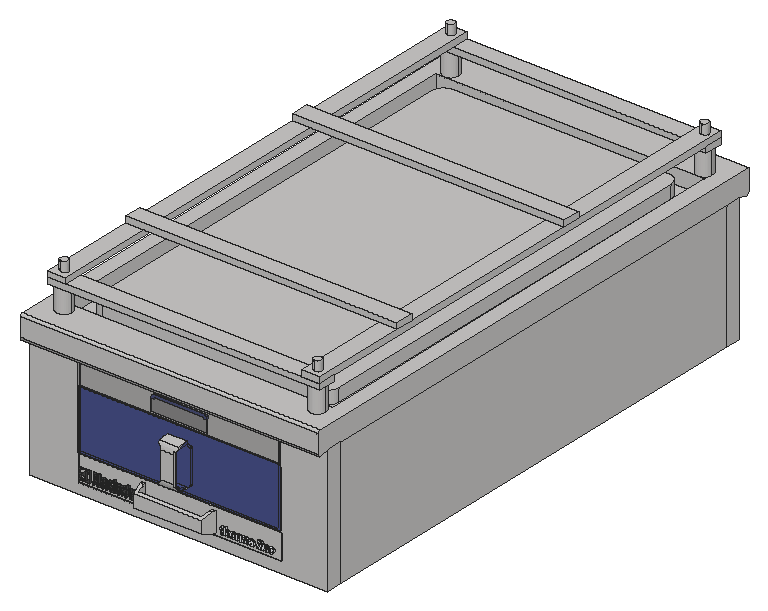
Revit family "QF_ELECTROLUXPROFESSIONAL_589869_MCLBACEODM", category Specialty Equipment, Revit 2014 (continued)
Definition of nested family "QF_ELECTROLUXPROFESSIONAL_MARINE500x900_1"
  Dimensions and locks
    plane 3 "LEFT" to plane 10 = 80 mm
    plane 11 to plane 4 "RIGHT" = 80 mm
    locked: plane 6 "TOP" to plane 17 "BaseTop" at 250
    locked: plane 18 to plane 5 "FRONT" at 45
    plane 19 to plane 6 "TOP" = 75 mm
    aligned and locked: level to plane 2
  Automatic sketch dimensions
    plane 1 "BACK" to curve 1 = 0 mm
    curve 1 to plane 4 "RIGHT" = 0 mm
    curve 3 to plane 3 "LEFT" = 0 mm
    plane 5 "FRONT" to curve 3 = 0 mm
    Extrusion 1 sketch curve to plane 18 = 0 mm  (x2)
    Extrusion 1 sketch curve to plane 18 = 15 mm
    plane 18 to Extrusion 1 sketch curve = 15 mm
    Extrusion 1 sketch curve to plane 12 = 20 mm
    Extrusion 1 sketch curve to Extrusion 1 sketch curve = 15 mm  (x7)
    Extrusion 1 sketch curve to plane 14 "EIx" = 7.5 mm  (x2)
    plane 3 "LEFT" to Extrusion 1 sketch curve = 37.5 mm  (x2)
    Extrusion 2 sketch curve to plane 18 = 0 mm  (x2)
    plane 14 "EIx" to Extrusion 2 sketch curve = 7.5 mm
    Extrusion 2 sketch curve to plane 18 = 15 mm  (x2)
    Extrusion 2 sketch curve to plane 12 = 35 mm  (x2)
    Extrusion 2 sketch curve to plane 14 "EIx" = 7.5 mm  (x2)
    Extrusion 2 sketch curve to Extrusion 2 sketch curve = 15 mm  (x6)
    plane 10 to Extrusion 2 sketch curve = 27.5 mm
    Extrusion 4 sketch curve to plane 18 = 0 mm  (x2)
    Extrusion 4 sketch curve to plane 14 "EIx" = 7.5 mm  (x2)
    plane 3 "LEFT" to Extrusion 4 sketch curve = 37.5 mm  (x2)
    Extrusion 4 sketch curve to plane 12 = 35 mm  (x2)
    Extrusion 5 sketch curve to plane 18 = 0 mm  (x2)
    Extrusion 5 sketch curve to plane 14 "EIx" = 7.5 mm  (x2)
    Extrusion 5 sketch curve to plane 12 = 35 mm  (x2)
    plane 3 "LEFT" to Extrusion 5 sketch curve = 37.5 mm  (x2)
    Extrusion 3 sketch curve to plane 15 "EIy" = 22.5 mm
    plane 15 "EIy" to Extrusion 3 sketch curve = 7.5 mm
    plane 3 "LEFT" to Extrusion 3 sketch curve = 22.5 mm  (x2)
    plane 8 to Extrusion 3 sketch curve = 92.5 mm
    Extrusion 3 sketch curve to Extrusion 3 sketch curve = 30 mm
    plane 4 "RIGHT" to Extrusion 3 sketch curve = 22.5 mm  (x2)
    plane 14 "EIx" to curve 19 = 7.5 mm
    curve 19 to plane 18 = 15 mm
    curve 15 to plane 18 = 15 mm
    plane 18 to curve 16 = 15 mm
    curve 19 to plane 15 "EIy" = 22.5 mm
    plane 15 "EIy" to curve 18 = 7.5 mm
    plane 14 "EIx" to curve 18 = 7.5 mm
    plane 8 to curve 18 = 92.5 mm
    plane 14 "EIx" to curve 17 = 7.5 mm
    curve 18 to curve 17 = 30 mm
    curve 20 to plane 12 = 20 mm
    plane 1 "BACK" to curve 17 = 30 mm
    plane 1 "BACK" to curve 13 = 30 mm
    plane 4 "RIGHT" to curve 12 = 22.5 mm
    plane 4 "RIGHT" to curve 11 = 22.5 mm
    plane 4 "RIGHT" to curve 10 = 22.5 mm
    plane 4 "RIGHT" to curve 9 = 22.5 mm
    plane 10 to curve 15 = 27.5 mm
    plane 10 to curve 14 = 27.5 mm
    plane 10 to curve 13 = 27.5 mm
    plane 3 "LEFT" to curve 11 = 22.5 mm
    plane 3 "LEFT" to curve 10 = 22.5 mm
    plane 3 "LEFT" to curve 9 = 22.5 mm
    plane 3 "LEFT" to curve 12 = 22.5 mm
    radius of Extrusion 1 sketch curve = 6.5 mm  (x4)
    radius of Extrusion 2 sketch curve = 6.5 mm  (x4)
    radius of Extrusion 4 sketch curve = 13 mm  (x4)
    radius of Extrusion 5 sketch curve = 6.5 mm  (x4)
Definition of nested family "Front_Panel_W500_1 Knob"
  Parameters (values of type "Front_Panel_W500_1 Knob")
    Width = 500 mm
  Reference planes
    plane 1 "Center (Front/Back)": y = 0
    plane 2: z = 0
    plane 3 "Center (Left/Right)": x = 197.624
    plane 4 "Left": x = -52.376
    plane 5 "Right": x = 447.624
    plane 6: y = -45
    plane 7: y = -25
    plane 8: x = 367.624
    plane 9: x = 27.624
  Forms (mm)
    Extrusion 1, solid, material "QF_Finishes_Stainless Steel"
      sketch origin (833.217, 829.203, -1.25) x (0, 1, 0) y (0, 0, 1)
        loop
          line (-854.203, 651.25) -> (-829.203, 651.25) -> (-829.203, 864.25) -> (-854.203, 864.25) -> (-854.203, 651.25)
      from -885.593 to -385.593
    Extrusion 2, void
      sketch origin (0, 0, 0) x (1, 0, 0) y (0, 0, 1)
        loop
          line (27.624, 853.866) -> (27.624, 711.866) -> (367.624, 711.866) -> (367.624, 853.866) -> (27.624, 853.866)
      from 19.387 to 33.951
  Cuts and joins
    Extrusion 2 cuts Extrusion 1
  Dimensions and locks
    equal spacing: plane 5 "Right", plane 3 "Center (Left/Right)", plane 4 "Left"
    "Width": plane 5 "Right" to plane 4 "Left"
    locked: plane 3 "Center (Left/Right)" to plane 9 at 170
    locked: plane 8 to plane 3 "Center (Left/Right)" at 170
    aligned and locked: cut or joined group of Extrusion 1, Extrusion 2 to plane 4 "Left"
    aligned and locked: plane 5 "Right" to cut or joined group of Extrusion 1, Extrusion 2
    aligned and locked: plane 3 "Center (Left/Right)" to nested 1
    aligned and locked: cut or joined group of Extrusion 1, Extrusion 2 to nested 1
    aligned and locked: plane 9 to Extrusion 2 sketch curve
    aligned and locked: Extrusion 2 sketch curve to plane 8
    aligned and locked: plane 9 to cut or joined group of Extrusion 1, Extrusion 2
    aligned and locked: plane 8 to cut or joined group of Extrusion 1, Extrusion 2
    aligned and locked: plane 9 to nested 1
    aligned and locked: plane 8 to nested 1
    aligned and locked: nested 4 to plane 9
  Automatic sketch dimensions
    Extrusion 1 sketch curve to plane 1 "Center (Front/Back)" = 0 mm
    level to Extrusion 1 sketch curve = 650 mm
    level to Extrusion 2 sketch curve = 711.866 mm
    Extrusion 2 sketch curve to Extrusion 2 sketch curve = 142 mm
    Extrusion 1 sketch curve to plane 6 = 20 mm
    Extrusion 1 sketch curve to Extrusion 1 sketch curve = 213 mm
  Nested families
    nested 1: "Front glass control panel W340_1 Knob" at (197.624, 280.644, 2.752), type "Front glass control panel W340_1 Knob"
    nested 2: "Range Control Handle" at (197.624, -28.137, -209.113) x (-1, 0, 0) z (0, 0, 1), type "Range Control Handle"
    nested 3: "ELX_ThermaLine_Small" at (319.031, -25, 679.426) x (1, 0, 0) z (0, -1, 0), type "ELX_ThermaLine_Small"
      with Show Logo yes, Material_Logo QF_Finishes_Black
    nested 4: "ELX_Professional_Logo_Small" at (87.11, -25, 681.659) x (1, 0, 0) z (0, -1, 0), type "ELX_Professional_Logo_Small"
      with Show Logo yes, Material_Logo QF_Finishes_Black
  Definition of nested family "Front glass control panel W340_1 Knob"
    Reference planes
      plane 1 "Center (Front/Back)": y = 0
      plane 2: z = 0
      plane 3 "Center (Left/Right)": x = 0
    Forms (mm)
      Extrusion 1, solid, material "QF_Finishes_Electrolux Cyan"
        sketch origin (378.286, 0, 0.617) x (1, 0, 0) y (0, 0, 1)
          loop
            line (-548.286, 806.791) -> (-548.286, 708.497) -> (-208.286, 708.497) -> (-208.286, 806.791) -> (-548.286, 806.791)
        from 300.031 to 304.8
      Extrusion 2, solid, material "QF_Finishes_Electrolux_Black"
        sketch origin (378.286, 0, 0.617) x (1, 0, 0) y (0, 0, 1)
          loop
            line (-548.286, 850.497) -> (-548.286, 806.791) -> (-208.286, 806.791) -> (-208.286, 850.497) -> (-548.286, 850.497)
        from 300.031 to 304.8
      Extrusion 3, void
        sketch origin (378.286, 0, 0.617) x (1, 0, 0) y (0, 0, 1)
          loop
            line (-545.628, 847.565) -> (-545.628, 710.699) -> (-211.196, 710.699) -> (-211.196, 847.565) -> (-545.628, 847.565)
        from 303.697 to 304.8
      Extrusion 4, solid, material "QF_Finishes_Electrolux_Black Smoke Iluminated"
        sketch origin (308.309, 1.101, -0.633) x (1, 0, 0) y (0, 0, 1)
          loop
            line (-261.431, 812.62) -> (-261.431, 834.177) -> (-266.24, 834.177) -> (-268.039, 835.977) -> (-348.469, 835.977) -> (-350.269, 834.177) -> (-355.186, 834.177) -> (-355.186, 812.62) -> (-261.431, 812.62)
        from 304.798 to 306.745
      Extrusion 5, solid, material "QF_Finishes_Electrolux_Royal Blue Illuminated"
        sketch origin (308.309, 1.101, -0.633) x (1, 0, 0) y (0, 0, 1)
          loop
            line (-350.269, 834.177) -> (-348.469, 835.977) -> (-268.039, 835.977) -> (-266.24, 834.177) -> (-261.529, 834.177)
            arc (-261.529, 834.177) -> (-262.706, 838.752) -> (-266.98, 840.763) r 5.549
            line (-266.98, 840.763) -> (-349.686, 840.763)
            arc (-349.686, 840.763) -> (-353.942, 838.747) -> (-355.078, 834.177) r 5.5
            line (-355.078, 834.177) -> (-350.269, 834.177)
        from 304.798 to 306.745
    Cuts and joins
      Extrusion 3 cuts Extrusion 1
      Extrusion 3 cuts Extrusion 2
    Dimensions and locks
      equal spacing: cut or joined group of Extrusion 2, Extrusion 3, plane 3 "Center (Left/Right)", cut or joined group of Extrusion 2, Extrusion 3
      cut or joined group of Extrusion 2, Extrusion 3 to cut or joined group of Extrusion 2, Extrusion 3 = 340 mm
      aligned and locked: Extrusion 1 to Extrusion 2
      aligned and locked: Extrusion 5 to Extrusion 4
    Automatic sketch dimensions
      Extrusion 1 sketch curve to plane 3 "Center (Left/Right)" = 170 mm
      plane 3 "Center (Left/Right)" to Extrusion 1 sketch curve = 170 mm
      level to Extrusion 1 sketch curve = 709.114 mm
      Extrusion 1 sketch curve to Extrusion 1 sketch curve = 98.294 mm
      Extrusion 2 sketch curve to plane 3 "Center (Left/Right)" = 170 mm
      plane 3 "Center (Left/Right)" to Extrusion 2 sketch curve = 170 mm
      level to Extrusion 2 sketch curve = 807.408 mm
      Extrusion 2 sketch curve to Extrusion 2 sketch curve = 43.706 mm
      Extrusion 3 sketch curve to plane 3 "Center (Left/Right)" = 167.342 mm
      plane 3 "Center (Left/Right)" to Extrusion 3 sketch curve = 167.091 mm
      level to Extrusion 3 sketch curve = 711.316 mm
      Extrusion 3 sketch curve to Extrusion 3 sketch curve = 136.866 mm
      Extrusion 4 sketch curve to plane 3 "Center (Left/Right)" = 46.877 mm
      Extrusion 4 sketch curve to Extrusion 4 sketch curve = 4.917 mm
      Extrusion 4 sketch curve to Extrusion 4 sketch curve = 1.8 mm  (x3)
      plane 3 "Center (Left/Right)" to Extrusion 4 sketch curve = 40.269 mm
      Extrusion 4 sketch curve to Extrusion 4 sketch curve = 4.809 mm
      level to Extrusion 4 sketch curve = 811.987 mm
      Extrusion 4 sketch curve to Extrusion 4 sketch curve = 21.557 mm  (x2)
      Extrusion 5 sketch curve to plane 3 "Center (Left/Right)" = 46.769 mm
      Extrusion 5 sketch curve to Extrusion 5 sketch curve = 4.809 mm
      Extrusion 5 sketch curve to Extrusion 5 sketch curve = 0.583 mm
      Extrusion 5 sketch curve to Extrusion 5 sketch curve = 1.217 mm
      plane 3 "Center (Left/Right)" to Extrusion 5 sketch curve = 40.269 mm
      Extrusion 5 sketch curve to Extrusion 5 sketch curve = 1.059 mm
      Extrusion 5 sketch curve to Extrusion 5 sketch curve = 0.741 mm
      Extrusion 5 sketch curve to Extrusion 5 sketch curve = 4.711 mm
      level to Extrusion 5 sketch curve = 833.543 mm
      Extrusion 5 sketch curve to Extrusion 5 sketch curve = 0 mm
      Extrusion 5 sketch curve to Extrusion 5 sketch curve = 1.037 mm
      Extrusion 5 sketch curve to Extrusion 5 sketch curve = 0.714 mm
  Definition of nested family "Range Control Handle"
    Reference planes
      plane 1 "Center (Front/Back)": y = 0
      plane 2: z = 0
      plane 3 "Center (Left/Right)": x = 0
      plane 4: z = 971.092
      plane 5: y = -16.9
    Forms (mm)
      Extrusion 1, solid, material "QF_Finishes_Electrolux Cyan"
        sketch origin (-746.28, 380.497, 208.931) x (-1, 0, 0) y (0, 0, 1)
          loop
            line (-770.101, 786.798) -> (-770.101, 731.649)
            arc (-770.101, 731.649) -> (-769.759, 730.563) -> (-768.855, 729.87) r 1.893
            line (-768.855, 729.87) -> (-763.474, 727.911) -> (-729.81, 727.911) -> (-724.428, 729.87)
            arc (-724.428, 729.87) -> (-723.525, 730.563) -> (-723.183, 731.649) r 1.893
            line (-723.183, 731.649) -> (-723.183, 786.798)
            arc (-723.183, 786.798) -> (-723.529, 787.894) -> (-724.44, 788.593) r 1.91
            line (-724.44, 788.593) -> (-729.683, 790.819) -> (-763.601, 790.819) -> (-768.844, 788.593)
            arc (-768.844, 788.593) -> (-769.755, 787.894) -> (-770.101, 786.798) r 1.91
        from -382.35 to -378.852
      Sweep 2, solid, material "QF_Finishes_Electrolux Cyan"
        path origin (-746.788, 380.496, 208.091) x (0, -1, 0) y (0, 0, 1)
          loop
            line (379.775, 793.281) -> (395.661, 791.048)
            arc (395.661, 791.048) -> (397.781, 787.377) -> (398.517, 783.202) r 12.207
            line (398.517, 783.202) -> (398.517, 737.368)
            arc (398.517, 737.368) -> (397.781, 733.193) -> (395.661, 729.522) r 12.207
            line (395.661, 729.522) -> (379.775, 727.289)
        profile origin (-746.788, -7.222, 1000.256) x (0, -0.139173, 0.990268) y (-1, 0, 0)
          loop
            line (0.782, -763.123) -> (0.782, -730.907) -> (-1.322, -730.907) -> (-1.322, -763.123) -> (0.782, -763.123)
      Sweep 3, solid, material "QF_Finishes_Stainless Steel"
        path origin (-746.788, 380.715, 207.832) x (0, -1, 0) y (0, 0, 1)
          loop
            line (380.478, 795.442) -> (397.218, 793.09)
            arc (397.218, 793.09) -> (399.929, 788.473) -> (400.871, 783.202) r 15.207
            line (400.871, 783.202) -> (400.871, 737.584)
            arc (400.871, 737.584) -> (399.914, 732.274) -> (397.164, 727.633) r 15.207
            line (397.164, 727.633) -> (380.601, 725.305)
        profile origin (-746.788, -8.132, 1002.099) x (0, -0.139173, 0.990268) y (-1, 0, 0)
          loop
            line (0.782, -763.123) -> (0.782, -730.907) -> (-1.322, -730.907) -> (-1.322, -763.123) -> (0.782, -763.123)
      Extrusion 4, void
        sketch origin (889.253, 220.666, 207.993) x (1, 0, 0) y (0, 0, 1)
          loop
            line (-943.038, 816.854) -> (-943.038, 703.686) -> (-899.466, 734.196) -> (-899.466, 786.344) -> (-943.038, 816.854)
        from 230.636 to 242.25
      Extrusion 5, void
        sketch origin (-888.8, 220.666, 207.993) x (-1, 0, 0) y (0, 0, -1)
          loop
            line (-943.038, -816.854) -> (-899.466, -786.344) -> (-899.466, -734.196) -> (-943.038, -703.686) -> (-943.038, -816.854)
        from 230.636 to 242.25
      Extrusion 6, solid, material "QF_Finishes_Electrolux Cyan"
        sketch origin (0, 0, 0) x (1, 0, 0) y (0, 0, 1)
          loop
            circle (0, 971.092) r 7.736
        from -3.137 to -1.645
    Cuts and joins
      Extrusion 4, Extrusion 5 cuts Sweep 3
      Extrusion 4, Extrusion 5 cuts Sweep 2
      joined: Extrusion 1, Extrusion 6
    Lines and regions (mm)
      symbolic lines
        curve 1: line (16.334, -16.9, 0) -> (16.334, -19.227, 0)
        curve 2: spline (16.334, -19.227, 0) -> (15.87, -19.385, 0) -> (15.404, -19.536, 0) -> (14.936, -19.678, 0) -> (14.466, -19.813, 0) -> (13.995, -19.94, 0) -> (13.523, -20.059, 0) -> (13.049, -20.171, 0) -> (12.575, -20.274, 0) -> (12.099, -20.37, 0) -> (11.622, -20.458, 0) -> (11.144, -20.537, 0) -> (10.666, -20.609, 0)
        curve 3: line (10.666, -16.9, 0) -> (10.666, -20.938, 0)
        curve 4: line (-10.213, -20.938, 0) -> (10.666, -20.938, 0)
        curve 5: line (-10.213, -20.938, 0) -> (-10.213, -16.9, 0)
        curve 6: spline (-10.213, -20.609, 0) -> (-10.691, -20.537, 0) -> (-11.169, -20.458, 0) -> (-11.646, -20.37, 0) -> (-12.122, -20.274, 0) -> (-12.597, -20.171, 0) -> (-13.07, -20.059, 0) -> (-13.542, -19.94, 0) -> (-14.013, -19.813, 0) -> (-14.483, -19.678, 0) -> (-14.951, -19.536, 0) -> (-15.417, -19.385, 0) -> (-15.881, -19.227, 0)
        curve 7: line (-15.881, -19.227, 0) -> (-15.881, -16.9, 0)
  Definition of nested family "ELX_ThermaLine_Small"
    Parameters (values of type "ELX_ThermaLine_Small")
      Show Logo [instance] = yes
      Material_Logo [instance] = QF_Finishes_Black
      Default Elevation = 0 mm
    Reference planes
      plane 1 "Centro (Fronte/Retro)": y = 0
      plane 2: z = 0
      plane 3 "Centro (Sinistra/Destra)": x = 0
    Forms (mm)
      Extrusion 1, solid
        sketch origin (0, 0, 0) x (1, 0, 0) y (0, 1, 0)
          loop
            line (-1219.2, 1219.2) -> (-1219.2, -1219.2) -> (1219.2, -1219.2) -> (1219.2, 1219.2) -> (-1219.2, 1219.2)
        from 0 to -304.8
      Extrusion 2, solid, material "QF_Finishes_White"
        sketch origin (0, 0, 0) x (1, 0, 0) y (0, 1, 0)
          loop
            line (-37.494, 1.229) -> (-35.908, 1.229) -> (-35.908, 3.066) -> (-37.494, 3.066) -> (-37.494, 6.221) -> (-39.867, 4.881) -> (-39.867, 3.066) -> (-40.969, 3.066) -> (-40.969, 1.229) -> (-39.867, 1.229) -> (-39.867, -3.407)
            arc (-39.867, -3.407) -> (-38.982, -5.513) -> (-36.751, -6.001) r 2.478
            line (-36.751, -6.001) -> (-35.638, -5.7) -> (-35.9, -3.835) -> (-36.661, -4.039)
            arc (-36.661, -4.039) -> (-37.236, -3.924) -> (-37.494, -3.399) r 0.662
            line (-37.494, -3.399) -> (-37.494, 1.229)
          loop
            line (-34.242, 6.539) -> (-34.242, -5.848) -> (-31.854, -5.848) -> (-31.854, -0.078)
            arc (-31.854, -0.078) -> (-30.939, 1.249) -> (-29.33, 1.367) r 1.866
            arc (-29.33, 1.367) -> (-28.695, 0.768) -> (-28.461, -0.073) r 1.627
            line (-28.461, -0.073) -> (-28.461, -5.848) -> (-26.086, -5.848) -> (-26.064, -0.46)
            arc (-26.064, -0.46) -> (-26.261, 0.932) -> (-26.786, 2.237) r 5.825
            arc (-26.786, 2.237) -> (-29.381, 3.264) -> (-31.854, 1.971) r 3.353
            line (-31.854, 1.971) -> (-31.854, 6.539) -> (-34.242, 6.539)
          loop
            arc (-18.398, -0.598) -> (-18.893, 0.879) -> (-20.326, 1.487) r 1.897
            arc (-20.326, 1.487) -> (-21.461, 0.708) -> (-21.897, -0.598) r 2.164
            line (-21.897, -0.598) -> (-18.398, -0.598)
          loop
            arc (-16.021, -2.044) -> (-16.754, 1.227) -> (-19.444, 3.226) r 4.814
            arc (-19.444, 3.226) -> (-22.137, 2.788) -> (-23.943, 0.743) r 4.054
            arc (-23.943, 0.743) -> (-24.382, -1.249) -> (-24.162, -3.276) r 6.289
            arc (-24.162, -3.276) -> (-23.302, -4.71) -> (-21.958, -5.705) r 4.28
            arc (-21.958, -5.705) -> (-18.558, -5.814) -> (-16.152, -3.409) r 4.28
            line (-16.152, -3.409) -> (-18.5, -2.995)
            arc (-18.5, -2.995) -> (-19.273, -3.994) -> (-20.533, -4.076) r 1.536
            arc (-20.533, -4.076) -> (-21.56, -3.281) -> (-21.958, -2.044) r 2.197
            line (-21.958, -2.044) -> (-16.021, -2.044)
          loop
            line (-14.165, -5.848) -> (-11.819, -5.848) -> (-11.819, -2.138)
            arc (-11.819, -2.138) -> (-11.787, -1.156) -> (-11.637, -0.185) r 8.18
            arc (-11.637, -0.185) -> (-10.644, 0.972) -> (-9.132, 0.776) r 1.603
            line (-9.132, 0.776) -> (-8.419, 2.846)
            arc (-8.419, 2.846) -> (-10.432, 3.118) -> (-11.994, 1.821) r 2.527
            line (-11.994, 1.821) -> (-11.994, 3.094) -> (-14.165, 3.094) -> (-14.165, -5.848)
          loop
            line (-7.579, 3.094) -> (-7.579, -5.848) -> (-5.178, -5.848) -> (-5.178, -0.756)
            arc (-5.178, -0.756) -> (-4.727, 0.679) -> (-3.417, 1.419) r 2.05
            arc (-3.417, 1.419) -> (-2.499, 0.908) -> (-2.155, -0.085) r 1.471
            line (-2.155, -0.085) -> (-2.155, -5.848) -> (0.23, -5.848) -> (0.23, -1.001)
            arc (0.23, -1.001) -> (0.47, 0.127) -> (1.148, 1.061) r 2.775
            arc (1.148, 1.061) -> (2.225, 1.329) -> (3.05, 0.587) r 1.182
            arc (3.05, 0.587) -> (3.199, -0.019) -> (3.214, -0.642) r 2.894
            line (3.214, -0.642) -> (3.214, -5.848) -> (5.601, -5.848) -> (5.601, 0.261)
            arc (5.601, 0.261) -> (4.87, 2.263) -> (2.976, 3.241) r 2.932
            arc (2.976, 3.241) -> (1.284, 2.973) -> (-0.047, 1.896) r 3.309
            arc (-0.047, 1.896) -> (-1.116, 2.865) -> (-2.506, 3.258) r 3.16
            arc (-2.506, 3.258) -> (-4.105, 2.942) -> (-5.376, 1.92) r 3.419
            line (-5.376, 1.92) -> (-5.376, 3.094) -> (-7.579, 3.094)
          loop
            line (7.583, 0.738) -> (9.702, 0.364)
            arc (9.702, 0.364) -> (11.441, 1.492) -> (12.855, -0.023) r 1.613
            line (12.855, -0.023) -> (9.782, -0.789)
            arc (9.782, -0.789) -> (8.559, -1.346) -> (7.617, -2.305) r 3.687
            arc (7.617, -2.305) -> (7.499, -3.681) -> (7.901, -5.003) r 3.651
            arc (7.901, -5.003) -> (9.107, -5.766) -> (10.515, -6.006) r 3.635
            arc (10.515, -6.006) -> (11.898, -5.697) -> (13.067, -4.895) r 3.734
            line (13.067, -4.895) -> (13.376, -5.848) -> (15.75, -5.848) -> (15.212, -4.193) -> (15.212, 0.38)
            arc (15.212, 0.38) -> (14.897, 1.849) -> (13.818, 2.895) r 2.585
            arc (13.818, 2.895) -> (11.792, 3.442) -> (9.719, 3.11) r 5.005
            arc (9.719, 3.11) -> (8.369, 2.178) -> (7.583, 0.738) r 3.54
          loop
            line (19.723, -5.848) -> (22.233, -5.848) -> (24.854, 6.484) -> (22.345, 6.484) -> (19.723, -5.848)
          loop
            line (24.583, -5.848) -> (26.953, -5.848) -> (28.848, 3.066) -> (26.478, 3.066) -> (24.583, -5.848)
          loop
            line (27.204, 6.484) -> (26.741, 4.305) -> (29.111, 4.305) -> (29.575, 6.484) -> (27.204, 6.484)
          loop
            line (29.355, -5.848) -> (31.849, -5.848) -> (33.098, 0.028)
            arc (33.098, 0.028) -> (34.169, 1.306) -> (35.832, 1.422) r 2.132
            arc (35.832, 1.422) -> (36.324, 0.752) -> (36.383, -0.078) r 1.5
            line (36.383, -0.078) -> (35.157, -5.848) -> (37.536, -5.848) -> (38.936, 0.738)
            arc (38.936, 0.738) -> (38.775, 2.091) -> (37.825, 3.066) r 2.118
            arc (37.825, 3.066) -> (35.392, 3.175) -> (33.295, 1.937) r 4.271
            line (33.295, 1.937) -> (33.535, 3.066) -> (31.25, 3.066) -> (29.355, -5.848)
          loop
            line (42.792, -0.64) -> (46.589, -0.64)
            arc (46.589, -0.64) -> (46.639, 0.124) -> (46.327, 0.823) r 1.589
            arc (46.327, 0.823) -> (45.117, 1.521) -> (43.762, 1.183) r 1.865
            arc (43.762, 1.183) -> (43.141, 0.344) -> (42.792, -0.64) r 3.538
          loop
            line (42.565, -2.138) -> (48.593, -2.138)
            arc (48.593, -2.138) -> (48.58, 0.597) -> (46.983, 2.818) r 4.494
            arc (46.983, 2.818) -> (44.191, 3.28) -> (41.725, 1.891) r 4.26
            arc (41.725, 1.891) -> (40.503, -0.3) -> (40.284, -2.799) r 6.003
            arc (40.284, -2.799) -> (40.959, -4.468) -> (42.377, -5.576) r 3.482
            arc (42.377, -5.576) -> (44.265, -5.961) -> (46.152, -5.576) r 4.823
            arc (46.152, -5.576) -> (47.432, -4.731) -> (48.328, -3.485) r 4.245
            line (48.328, -3.485) -> (46.168, -3.105)
            arc (46.168, -3.105) -> (45.214, -4.072) -> (43.859, -4.181) r 1.953
            arc (43.859, -4.181) -> (42.821, -3.408) -> (42.565, -2.138) r 1.81
          loop
            line (12.868, -1.553) -> (10.216, -2.214)
            arc (10.216, -2.214) -> (9.747, -3.136) -> (10.216, -4.058) r 1.14
            arc (10.216, -4.058) -> (11.537, -4.249) -> (12.614, -3.46) r 1.763
            arc (12.614, -3.46) -> (12.858, -2.522) -> (12.868, -1.553) r 3.97
        from 0 to 1.6
    Dimensions and locks
      aligned and locked: plane 2 to Extrusion 1
      aligned and locked: level to Extrusion 1
  Definition of nested family "ELX_Professional_Logo_Small"
    Parameters (values of type "ELX_Professional_Logo_Small")
      Show Logo [instance] = yes
      Material_Logo [instance] = QF_Finishes_Black
      Default Elevation = 0 mm
    Reference planes
      plane 1 "Centro (Fronte/Retro)": y = 0
      plane 2: z = 0
      plane 3 "Centro (Sinistra/Destra)": x = 0
    Forms (mm)
      Extrusion 1, solid
        sketch origin (0, 0, 0) x (1, 0, 0) y (0, 1, 0)
          loop
            line (-1219.2, 1219.2) -> (-1219.2, -1219.2) -> (1219.2, -1219.2) -> (1219.2, 1219.2) -> (-1219.2, 1219.2)
        from 0 to -304.8
      Extrusion 2, solid, material "QF_Finishes_Black" <- "Material_Logo"
        sketch origin (15.5, 0, 0) x (1, 0, 0) y (0, 1, 0)
          loop
            spline (-42.99, -1.24) -> (-43.195, -1.231) -> (-43.415, -1.203) -> (-43.642, -1.152) -> (-43.87, -1.074) -> (-44.095, -0.966) -> (-44.309, -0.825) -> (-44.506, -0.647) -> (-44.681, -0.429) -> (-44.828, -0.167) -> (-44.94, 0.142) -> (-45.011, 0.501) -> (-45.037, 0.915)
            line (-45.037, 0.915) -> (-45.037, 2.748) -> (-38.984, 2.748) -> (-38.984, 5.086) -> (-45.038, 5.086) -> (-45.038, 8.489) -> (-38.599, 8.489) -> (-38.599, 10.82) -> (-47.515, 10.82) -> (-47.515, 1.021)
            spline (-47.515, 1.021) -> (-47.493, 0.418) -> (-47.425, -0.15) -> (-47.311, -0.682) -> (-47.15, -1.175) -> (-46.939, -1.628) -> (-46.678, -2.038) -> (-46.365, -2.404) -> (-46, -2.723) -> (-45.58, -2.995) -> (-45.105, -3.216) -> (-44.573, -3.385) -> (-43.983, -3.499)
            line (-43.983, -3.499) -> (-43.01, -3.569) -> (-38.426, -3.569) -> (-38.426, -1.24) -> (-42.99, -1.24)
          loop
            line (-36.666, 4.021) -> (-36.666, -3.573) -> (-34.188, -3.573) -> (-34.188, 10.824) -> (-36.666, 10.824) -> (-36.666, 4.021)
          loop
            spline (-21.915, 1.897) -> (-21.957, 2.615) -> (-22.082, 3.303) -> (-22.285, 3.955) -> (-22.563, 4.564) -> (-22.913, 5.124) -> (-23.331, 5.629) -> (-23.814, 6.074) -> (-24.359, 6.451) -> (-24.961, 6.755) -> (-25.618, 6.98) -> (-26.326, 7.119) -> (-27.081, 7.167)
            spline (-27.081, 7.167) -> (-27.853, 7.122) -> (-28.586, 6.99) -> (-29.275, 6.774) -> (-29.915, 6.478) -> (-30.5, 6.104) -> (-31.024, 5.657) -> (-31.483, 5.138) -> (-31.871, 4.553) -> (-32.182, 3.904) -> (-32.411, 3.194) -> (-32.552, 2.427) -> (-32.6, 1.606)
            spline (-32.6, 1.606) -> (-32.553, 0.805) -> (-32.416, 0.057) -> (-32.193, -0.637) -> (-31.887, -1.271) -> (-31.504, -1.843) -> (-31.048, -2.35) -> (-30.523, -2.788) -> (-29.934, -3.154) -> (-29.284, -3.444) -> (-28.579, -3.656) -> (-27.822, -3.785) -> (-27.019, -3.829)
            spline (-27.019, -3.829) -> (-26.627, -3.82) -> (-26.239, -3.79) -> (-25.856, -3.739) -> (-25.477, -3.663) -> (-25.103, -3.562) -> (-24.734, -3.432) -> (-24.369, -3.273) -> (-24.01, -3.082) -> (-23.655, -2.858) -> (-23.305, -2.597) -> (-22.96, -2.299) -> (-22.621, -1.962)
            line (-22.621, -1.962) -> (-24.114, -0.509)
            spline (-24.114, -0.509) -> (-24.311, -0.699) -> (-24.509, -0.872) -> (-24.71, -1.03) -> (-24.915, -1.172) -> (-25.126, -1.297) -> (-25.346, -1.407) -> (-25.576, -1.5) -> (-25.817, -1.576) -> (-26.072, -1.636) -> (-26.342, -1.678) -> (-26.629, -1.704) -> (-26.936, -1.713)
            spline (-26.936, -1.713) -> (-27.384, -1.691) -> (-27.805, -1.625) -> (-28.196, -1.518) -> (-28.556, -1.372) -> (-28.882, -1.187) -> (-29.174, -0.966) -> (-29.429, -0.71) -> (-29.645, -0.422) -> (-29.821, -0.102) -> (-29.955, 0.247) -> (-30.045, 0.623) -> (-30.089, 1.026)
            line (-30.089, 1.026) -> (-21.956, 1.026) -> (-21.915, 1.897)
          loop
            spline (-24.446, 2.769) -> (-24.47, 3.075) -> (-24.54, 3.37) -> (-24.654, 3.65) -> (-24.807, 3.913) -> (-24.996, 4.156) -> (-25.219, 4.376) -> (-25.472, 4.57) -> (-25.753, 4.736) -> (-26.057, 4.869) -> (-26.382, 4.968) -> (-26.724, 5.03) -> (-27.081, 5.051)
            spline (-27.081, 5.051) -> (-27.464, 5.03) -> (-27.832, 4.97) -> (-28.183, 4.872) -> (-28.513, 4.74) -> (-28.819, 4.577) -> (-29.099, 4.384) -> (-29.347, 4.165) -> (-29.563, 3.923) -> (-29.742, 3.659) -> (-29.881, 3.377) -> (-29.977, 3.079) -> (-30.027, 2.769)
            line (-30.027, 2.769) -> (-24.446, 2.769)
          loop
            spline (-18.167, 1.669) -> (-18.138, 2.13) -> (-18.055, 2.567) -> (-17.921, 2.978) -> (-17.739, 3.358) -> (-17.512, 3.705) -> (-17.243, 4.016) -> (-16.937, 4.287) -> (-16.596, 4.517) -> (-16.223, 4.7) -> (-15.823, 4.835) -> (-15.398, 4.919) -> (-14.951, 4.947)
            spline (-14.951, 4.947) -> (-14.677, 4.938) -> (-14.414, 4.913) -> (-14.162, 4.871) -> (-13.921, 4.812) -> (-13.69, 4.738) -> (-13.467, 4.649) -> (-13.254, 4.544) -> (-13.048, 4.424) -> (-12.85, 4.291) -> (-12.659, 4.143) -> (-12.474, 3.981) -> (-12.295, 3.806)
            line (-12.295, 3.806) -> (-10.76, 5.403)
            spline (-10.76, 5.403) -> (-11.065, 5.709) -> (-11.38, 5.984) -> (-11.703, 6.228) -> (-12.035, 6.443) -> (-12.375, 6.63) -> (-12.723, 6.788) -> (-13.078, 6.92) -> (-13.44, 7.026) -> (-13.809, 7.107) -> (-14.184, 7.164) -> (-14.564, 7.198) -> (-14.951, 7.209)
            spline (-14.951, 7.209) -> (-15.725, 7.161) -> (-16.467, 7.02) -> (-17.169, 6.792) -> (-17.826, 6.482) -> (-18.43, 6.096) -> (-18.976, 5.637) -> (-19.455, 5.112) -> (-19.862, 4.525) -> (-20.19, 3.882) -> (-20.433, 3.189) -> (-20.584, 2.449) -> (-20.635, 1.669)
            spline (-20.635, 1.669) -> (-20.584, 0.889) -> (-20.433, 0.149) -> (-20.19, -0.545) -> (-19.862, -1.187) -> (-19.455, -1.774) -> (-18.976, -2.299) -> (-18.43, -2.758) -> (-17.826, -3.145) -> (-17.169, -3.454) -> (-16.467, -3.682) -> (-15.725, -3.823) -> (-14.951, -3.871)
            spline (-14.951, -3.871) -> (-14.564, -3.86) -> (-14.184, -3.826) -> (-13.809, -3.77) -> (-13.44, -3.689) -> (-13.078, -3.583) -> (-12.723, -3.451) -> (-12.375, -3.292) -> (-12.035, -3.105) -> (-11.703, -2.89) -> (-11.38, -2.646) -> (-11.065, -2.371) -> (-10.76, -2.066)
            line (-10.76, -2.066) -> (-12.295, -0.468)
            spline (-12.295, -0.468) -> (-12.474, -0.643) -> (-12.659, -0.805) -> (-12.85, -0.953) -> (-13.048, -1.087) -> (-13.254, -1.206) -> (-13.467, -1.311) -> (-13.69, -1.4) -> (-13.921, -1.475) -> (-14.162, -1.533) -> (-14.414, -1.575) -> (-14.677, -1.6) -> (-14.951, -1.609)
            spline (-14.951, -1.609) -> (-15.398, -1.581) -> (-15.823, -1.497) -> (-16.223, -1.362) -> (-16.596, -1.179) -> (-16.937, -0.95) -> (-17.243, -0.678) -> (-17.512, -0.367) -> (-17.739, -0.02) -> (-17.921, 0.36) -> (-18.055, 0.771) -> (-18.138, 1.208) -> (-18.167, 1.669)
          loop
            spline (-4.441, -1.243) -> (-4.659, -1.247) -> (-4.894, -1.23) -> (-5.137, -1.19) -> (-5.384, -1.121) -> (-5.628, -1.021) -> (-5.864, -0.884) -> (-6.084, -0.708) -> (-6.283, -0.488) -> (-6.454, -0.219) -> (-6.592, 0.101) -> (-6.69, 0.478) -> (-6.742, 0.914)
            line (-6.742, 0.914) -> (-6.742, 4.587) -> (-4.487, 4.587) -> (-4.487, 6.838) -> (-6.738, 6.838) -> (-6.738, 10.824) -> (-9.217, 10.824) -> (-9.217, 0.773)
            spline (-9.217, 0.773) -> (-9.164, 0.19) -> (-9.068, -0.358) -> (-8.928, -0.87) -> (-8.742, -1.343) -> (-8.511, -1.777) -> (-8.232, -2.168) -> (-7.904, -2.515) -> (-7.527, -2.816) -> (-7.098, -3.069) -> (-6.618, -3.273) -> (-6.084, -3.426) -> (-5.496, -3.525)
            line (-5.496, -3.525) -> (-4.45, -3.573) -> (-4.441, -1.243)
          loop
            spline (3.898, 6.983) -> (3.469, 7.009) -> (3.056, 7.001) -> (2.661, 6.961) -> (2.283, 6.888) -> (1.925, 6.785) -> (1.588, 6.652) -> (1.272, 6.49) -> (0.979, 6.301) -> (0.71, 6.085) -> (0.465, 5.844) -> (0.247, 5.578) -> (0.056, 5.289)
            line (0.056, 5.289) -> (0.056, 6.838) -> (-2.402, 6.838) -> (-2.402, -3.572) -> (0.056, -3.572) -> (0.056, 1.901)
            spline (0.056, 1.901) -> (0.079, 2.316) -> (0.145, 2.703) -> (0.254, 3.06) -> (0.404, 3.386) -> (0.592, 3.679) -> (0.818, 3.938) -> (1.08, 4.162) -> (1.375, 4.348) -> (1.703, 4.495) -> (2.062, 4.602) -> (2.45, 4.668) -> (2.865, 4.69)
            line (2.865, 4.69) -> (3.898, 4.586) -> (3.898, 6.983)
          loop
            spline (15.638, 1.633) -> (15.586, 2.396) -> (15.435, 3.124) -> (15.192, 3.81) -> (14.863, 4.449) -> (14.455, 5.034) -> (13.975, 5.56) -> (13.43, 6.021) -> (12.826, 6.411) -> (12.17, 6.724) -> (11.469, 6.955) -> (10.729, 7.098) -> (9.958, 7.147)
            spline (9.958, 7.147) -> (9.182, 7.098) -> (8.44, 6.955) -> (7.737, 6.724) -> (7.081, 6.411) -> (6.477, 6.021) -> (5.933, 5.56) -> (5.454, 5.034) -> (5.048, 4.449) -> (4.721, 3.81) -> (4.479, 3.124) -> (4.329, 2.396) -> (4.277, 1.633)
            spline (4.277, 1.633) -> (4.329, 0.869) -> (4.479, 0.141) -> (4.721, -0.544) -> (5.048, -1.183) -> (5.454, -1.768) -> (5.933, -2.294) -> (6.477, -2.755) -> (7.081, -3.145) -> (7.737, -3.459) -> (8.44, -3.69) -> (9.182, -3.833) -> (9.958, -3.882)
            spline (9.958, -3.882) -> (10.729, -3.833) -> (11.469, -3.69) -> (12.17, -3.459) -> (12.826, -3.145) -> (13.43, -2.755) -> (13.975, -2.294) -> (14.455, -1.768) -> (14.863, -1.183) -> (15.192, -0.544) -> (15.435, 0.141) -> (15.586, 0.869) -> (15.638, 1.633)
          loop
            spline (13.18, 1.633) -> (13.151, 2.083) -> (13.067, 2.513) -> (12.932, 2.918) -> (12.748, 3.296) -> (12.52, 3.642) -> (12.251, 3.954) -> (11.943, 4.227) -> (11.601, 4.459) -> (11.228, 4.645) -> (10.828, 4.782) -> (10.403, 4.867) -> (9.958, 4.896)
            spline (9.958, 4.896) -> (9.509, 4.867) -> (9.081, 4.782) -> (8.679, 4.645) -> (8.306, 4.459) -> (7.964, 4.227) -> (7.658, 3.954) -> (7.39, 3.642) -> (7.163, 3.296) -> (6.981, 2.918) -> (6.847, 2.513) -> (6.765, 2.083) -> (6.736, 1.633)
            spline (6.736, 1.633) -> (6.765, 1.182) -> (6.847, 0.753) -> (6.981, 0.347) -> (7.163, -0.031) -> (7.39, -0.377) -> (7.658, -0.689) -> (7.964, -0.962) -> (8.306, -1.193) -> (8.679, -1.38) -> (9.081, -1.517) -> (9.509, -1.602) -> (9.958, -1.631)
            spline (9.958, -1.631) -> (10.403, -1.602) -> (10.828, -1.517) -> (11.228, -1.38) -> (11.601, -1.193) -> (11.943, -0.962) -> (12.251, -0.689) -> (12.52, -0.377) -> (12.748, -0.031) -> (12.932, 0.347) -> (13.067, 0.753) -> (13.151, 1.182) -> (13.18, 1.633)
          loop
            line (17.162, 4.269) -> (17.162, -3.573) -> (19.642, -3.573) -> (19.642, 10.824) -> (17.162, 10.824) -> (17.162, 4.269)
          loop
            line (28.581, 6.838) -> (28.581, 0.786)
            spline (28.581, 0.786) -> (28.561, 0.393) -> (28.503, 0.038) -> (28.409, -0.279) -> (28.281, -0.559) -> (28.122, -0.802) -> (27.933, -1.011) -> (27.717, -1.185) -> (27.476, -1.325) -> (27.213, -1.433) -> (26.929, -1.509) -> (26.626, -1.554) -> (26.308, -1.569)
            spline (26.308, -1.569) -> (25.99, -1.554) -> (25.688, -1.509) -> (25.404, -1.434) -> (25.141, -1.326) -> (24.9, -1.187) -> (24.684, -1.014) -> (24.496, -0.807) -> (24.336, -0.565) -> (24.209, -0.288) -> (24.115, 0.026) -> (24.057, 0.376) -> (24.037, 0.765)
            line (24.037, 0.765) -> (24.037, 6.838) -> (21.537, 6.838) -> (21.537, 0.558)
            spline (21.537, 0.558) -> (21.581, -0.153) -> (21.71, -0.8) -> (21.916, -1.384) -> (22.195, -1.904) -> (22.54, -2.362) -> (22.944, -2.757) -> (23.403, -3.09) -> (23.909, -3.362) -> (24.456, -3.572) -> (25.04, -3.722) -> (25.652, -3.811) -> (26.288, -3.841)
            spline (26.288, -3.841) -> (26.929, -3.811) -> (27.547, -3.72) -> (28.135, -3.568) -> (28.687, -3.355) -> (29.197, -3.079) -> (29.66, -2.741) -> (30.068, -2.341) -> (30.415, -1.877) -> (30.696, -1.349) -> (30.905, -0.757) -> (31.034, -0.101) -> (31.079, 0.621)
            line (31.079, 0.621) -> (31.079, 6.838) -> (28.581, 6.838)
          loop
            line (40.457, -0.243) -> (38.894, 1.942) -> (40.83, 4.579) -> (42.488, 6.837) -> (39.782, 6.837) -> (37.53, 3.719) -> (35.258, 6.837) -> (32.573, 6.837) -> (34.113, 4.731) -> (36.167, 1.922) -> (34.014, -1.076) -> (32.222, -3.573) -> (34.887, -3.573) -> (37.53, 0.104) -> (40.174, -3.573) -> (42.839, -3.573) -> (40.457, -0.243)
          loop
            line (-46.121, -5.837) -> (-48.039, -5.837) -> (-48.039, -10.814) -> (-47.016, -10.814) -> (-47.016, -9.128) -> (-46.121, -9.128)
            arc (-46.121, -9.128) -> (-44.476, -7.482) -> (-46.121, -5.837) r 1.645
          loop
            line (-46.163, -6.778) -> (-47.016, -6.778) -> (-47.016, -8.187) -> (-46.163, -8.187)
            arc (-46.163, -8.187) -> (-45.458, -7.482) -> (-46.163, -6.778) r 0.704
          loop
            line (-38.313, -5.837) -> (-40.265, -5.837) -> (-40.265, -10.814) -> (-39.241, -10.814) -> (-39.241, -9.1) -> (-38.46, -9.182) -> (-37.48, -10.814) -> (-36.318, -10.814) -> (-37.513, -8.848)
            arc (-37.513, -8.848) -> (-36.888, -8.266) -> (-36.671, -7.441) r 1.536
            arc (-36.671, -7.441) -> (-37.165, -6.305) -> (-38.313, -5.837) r 1.643
          loop
            arc (-38.402, -8.166) -> (-37.707, -7.505) -> (-38.334, -6.778) r 0.696
            line (-38.334, -6.778) -> (-39.241, -6.778) -> (-39.241, -8.166) -> (-38.402, -8.166)
          loop
            circle (-29.965, -8.325) r 2.585
          loop
            circle (-29.965, -8.325) r 1.64
          loop
            line (-23.1, -5.837) -> (-23.1, -10.814) -> (-22.076, -10.814) -> (-22.076, -8.768) -> (-20.204, -8.768) -> (-20.204, -7.828) -> (-22.076, -7.828) -> (-22.076, -6.778) -> (-20.024, -6.778) -> (-20.024, -5.837) -> (-23.1, -5.837)
          loop
            line (-15.802, -5.837) -> (-15.802, -9.2)
            arc (-15.802, -9.2) -> (-15.343, -10.34) -> (-14.209, -10.814) r 1.593
            line (-14.209, -10.814) -> (-12.602, -10.814) -> (-12.602, -10.027) -> (-14.004, -10.027)
            arc (-14.004, -10.027) -> (-14.552, -9.8) -> (-14.779, -9.252) r 0.775
            line (-14.779, -9.252) -> (-14.779, -8.424) -> (-12.789, -8.424) -> (-12.789, -7.642) -> (-14.779, -7.642) -> (-14.779, -6.778) -> (-12.651, -6.778) -> (-12.651, -5.837) -> (-15.802, -5.837)
          loop
            line (-5.909, -7.143) -> (-5.173, -6.638)
            arc (-5.173, -6.638) -> (-5.855, -5.974) -> (-6.781, -5.755) r 1.782
            arc (-6.781, -5.755) -> (-7.397, -5.878) -> (-7.944, -6.189) r 1.974
            arc (-7.944, -6.189) -> (-8.202, -6.5) -> (-8.317, -6.888) r 1.013
            arc (-8.317, -6.888) -> (-8.306, -7.341) -> (-8.192, -7.78) r 1.985
            arc (-8.192, -7.78) -> (-7.749, -8.259) -> (-7.171, -8.563) r 1.928
            arc (-7.171, -8.563) -> (-6.637, -8.779) -> (-6.131, -9.056) r 5.041
            arc (-6.131, -9.056) -> (-5.934, -9.387) -> (-6.09, -9.74) r 0.42
            arc (-6.09, -9.74) -> (-6.631, -9.96) -> (-7.204, -9.845) r 1.016
            arc (-7.204, -9.845) -> (-7.625, -9.603) -> (-7.889, -9.196) r 1.033
            line (-7.889, -9.196) -> (-8.67, -9.686)
            arc (-8.67, -9.686) -> (-8.361, -10.198) -> (-7.908, -10.589) r 1.914
            arc (-7.908, -10.589) -> (-7.334, -10.834) -> (-6.714, -10.896) r 2.063
            arc (-6.714, -10.896) -> (-5.947, -10.743) -> (-5.256, -10.376) r 2.696
            arc (-5.256, -10.376) -> (-4.95, -9.565) -> (-5.108, -8.712) r 1.618
            arc (-5.108, -8.712) -> (-5.448, -8.319) -> (-5.884, -8.035) r 1.876
            arc (-5.884, -8.035) -> (-6.434, -7.789) -> (-6.999, -7.577) r 9.883
            arc (-6.999, -7.577) -> (-7.325, -7.07) -> (-6.854, -6.694) r 0.45
            arc (-6.854, -6.694) -> (-6.329, -6.809) -> (-5.909, -7.143) r 1.197
          loop
            line (1.61, -7.143) -> (2.345, -6.638)
            arc (2.345, -6.638) -> (1.663, -5.974) -> (0.737, -5.755) r 1.782
            arc (0.737, -5.755) -> (0.121, -5.878) -> (-0.425, -6.189) r 1.974
            arc (-0.425, -6.189) -> (-0.683, -6.5) -> (-0.799, -6.888) r 1.013
            arc (-0.799, -6.888) -> (-0.788, -7.341) -> (-0.674, -7.78) r 1.985
            arc (-0.674, -7.78) -> (-0.231, -8.259) -> (0.347, -8.563) r 1.928
            arc (0.347, -8.563) -> (0.881, -8.779) -> (1.387, -9.056) r 5.041
            arc (1.387, -9.056) -> (1.584, -9.387) -> (1.428, -9.74) r 0.42
            arc (1.428, -9.74) -> (0.887, -9.96) -> (0.314, -9.845) r 1.016
            arc (0.314, -9.845) -> (-0.107, -9.603) -> (-0.371, -9.196) r 1.033
            line (-0.371, -9.196) -> (-1.152, -9.686)
            arc (-1.152, -9.686) -> (-0.842, -10.198) -> (-0.39, -10.589) r 1.914
            arc (-0.39, -10.589) -> (0.184, -10.834) -> (0.804, -10.896) r 2.063
            arc (0.804, -10.896) -> (1.572, -10.743) -> (2.263, -10.376) r 2.696
            arc (2.263, -10.376) -> (2.568, -9.565) -> (2.411, -8.712) r 1.618
            arc (2.411, -8.712) -> (2.07, -8.319) -> (1.635, -8.035) r 1.876
            arc (1.635, -8.035) -> (1.084, -7.789) -> (0.519, -7.577) r 9.883
            arc (0.519, -7.577) -> (0.193, -7.07) -> (0.665, -6.694) r 0.45
            arc (0.665, -6.694) -> (1.189, -6.809) -> (1.61, -7.143) r 1.197
          loop
            line (6.801, -5.837) -> (6.801, -10.814) -> (7.825, -10.814) -> (7.825, -5.837) -> (6.801, -5.837)
          loop
            circle (14.724, -8.325) r 1.548
          loop
            circle (14.724, -8.325) r 2.585
          loop
            line (21.59, -10.814) -> (22.623, -10.814) -> (22.623, -7.685) -> (24.9, -10.814) -> (25.895, -10.814) -> (25.895, -5.837) -> (24.861, -5.837) -> (24.861, -9.061) -> (22.585, -5.837) -> (21.59, -5.837) -> (21.59, -10.814)
          loop
            line (31.054, -10.814) -> (31.539, -9.74) -> (33.38, -9.74) -> (33.865, -10.814) -> (34.965, -10.814) -> (32.46, -5.837) -> (29.956, -10.814) -> (31.054, -10.814)
          loop
            line (32.46, -7.698) -> (31.999, -8.719) -> (32.921, -8.719) -> (32.46, -7.698)
          loop
            line (40.047, -9.873) -> (40.047, -5.837) -> (39.024, -5.837) -> (39.024, -10.814) -> (41.961, -10.814) -> (41.961, -9.873) -> (40.047, -9.873)
          loop
            line (-74.986, -10.814) -> (-53.322, -10.814) -> (-53.322, 10.82) -> (-74.986, 10.82) -> (-74.986, -10.814)
          loop
            line (-61.261, 9.758) -> (-61.261, -9.707)
            arc (-61.261, -9.707) -> (-54.066, 0.025) -> (-61.261, 9.758) r 10.18
          loop
            line (-62.251, 8.349) -> (-62.251, 9.758)
            arc (-62.251, 9.758) -> (-70.347, 7.918) -> (-74.247, 0.59) r 9.976
            line (-74.247, 0.59) -> (-71.026, 0.59)
            arc (-71.026, 0.59) -> (-65.274, 2.925) -> (-62.251, 8.349) r 9.351
          loop
            arc (-74.247, -0.539) -> (-70.353, -7.928) -> (-62.251, -9.957) r 10.237
            line (-62.251, -9.957) -> (-62.251, -8.298)
            arc (-62.251, -8.298) -> (-65.274, -2.874) -> (-71.026, -0.539) r 9.351
            line (-71.026, -0.539) -> (-74.247, -0.539)
        from 0 to 1.644
    Dimensions and locks
      aligned and locked: plane 2 to Extrusion 1
      aligned and locked: level to Extrusion 1
